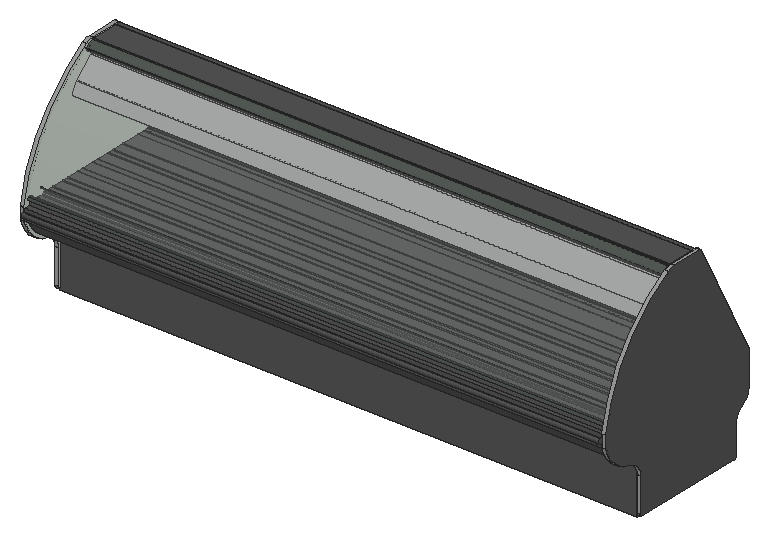
Revit family "ESGM_2014", category Specialty Equipment, Revit 2014
Parameters (values of type "12'-0" Length")
  Width = 144 1/2"
  Waste Drain = 1 1/2"  # constant formula
  URL = "www.hussmann.com"
  Type Comments = "Elite"  # constant formula
  Trim = Stainless Steel
  Total Weight = Case Weight + (2 * End Weight)  # 1400.00 lbf
  Splashguard = Textured Sheet Metal (Steel Painted) - 701 Black
  Side Panel - Right [instance] = yes
  Side Panel - Left [instance] = yes
  Shelves = Sheet Metal (Steel Painted) - 701 Black
  Revit Family Date = "05/26/2016"  # constant formula
  Refrigeration Lines Suction = 5/8"  # constant formula
  Refrigeration Lines Liquid = 3/8"  # constant formula
  Refrig. Suction = "Suction"
  Refrig. Liquid = "Liquid"
  Number of Supports = if(Width < 50", 2, if(Width < 100", 3, 4))  # 4
  Note from Manufacturer = "This model only comes 4'-0\", 6'-0\", 8'-0\", and 12'-0\" lengths."
  Model URL = "http://www.hussmann.com/en/product%20viewer/display-cases/ESGM,%20ESGS"
  Model = "ESGM"  # constant formula
  Manufacturer Disclaimer = "The information in this file is not intended to be an exact representation of the corresponding Hussmann product.  Further, we reserve the right to change or revise specifications and product design in connection with any feature of our products. Such changes do not entitle the buyer to corresponding changes, improvements, additions, or replacements for equipment previously sold or shipped."  # constant formula
  Manufacturer = "Hussmann Corporation"  # constant formula
  Location of Drain = if(Width < 144", 24 1/8", 72 1/4")  # 72 1/4"
  Light [instance] = yes
  Height = 52 1/8"  # constant formula
  Glazing = Glass
  Ends = Textured Sheet Metal (Steel Painted) - 701 Black
  End Weight = 100.00 lbf  # constant formula
  Door Frame = Plastic - 701 Black
  Description = "Curved Glass Service Cased with Gravity Coil for Meat"  # constant formula
  Depth = 45 1/4"  # constant formula
  Cutsheet URL = "http://www.hussmann.com/en/Technical%20Documents/0522417_C_ESGM.pdf"
  Case Weight = if(Width = 48 1/4", 600.00 lbf, if(Width = 72 3/8", 700.00 lbf, if(Width = 96 3/8", 1100.00 lbf, if(Width = 144 1/2", 1200.00 lbf, 0.00 lbf))))  # 1200.00 lbf
  Case Interior - Side Panel = Mirror
  Case Interior - Back Panel = Stainless Steel
  Case = Textured Sheet Metal (Steel Painted) - 701 Black
  Bumper = Extruded PVC - 701 Black
  Assembly Code = ""
  Accessories/Options = ""
  8 Case = Width = 96 3/8"  # no
  6 Case = Width = 72 3/8"  # no
  4 Case = Width = 48 1/4"  # no
  12 Case = Width = 144 1/2"  # yes
Reference planes (in)
  plane 1 "Back": y = 0
  plane 2 "Bottom": z = 0
  plane 3 "Left": x = -77.30699
  plane 4 "Front": y = -45.25
  plane 5 "Center (Left/Right)": x = -5.05699
  plane 6: x = -78.30699
  plane 7 "Right": x = 67.19301
  plane 8: x = 68.19301
  plane 9 "Top": z = 52.125
Forms (in)
  Extrusion 1, solid, material "Metal - Copper"
    sketch origin (63.0625, 1.04319, 0) x (1, 0, 0) y (0, 1, 0)
      loop
        arc (-68.11949, -26.54319) -> (-68.64982, -26.76286) -> (-68.86949, -27.29319) r 0.75
        arc (-68.86949, -27.29319) -> (-68.64982, -27.82352) -> (-68.11949, -28.04319) r 0.75
        arc (-68.11949, -28.04319) -> (-67.58916, -27.82352) -> (-67.36949, -27.29319) r 0.75
        arc (-67.36949, -27.29319) -> (-67.58916, -26.76286) -> (-68.11949, -26.54319) r 0.75
      loop
        circle (-68.11949, -27.29319) r 0.7102
    from 15.4495 to 14.2
  Extrusion 2, solid, material "Metal - Copper"
    sketch origin (57.40105, 5, -0.375) x (1, 0, 0) y (0, 1, 0)
      loop
        circle (1.22946, -34.375) r 0.28859
      loop
        circle (1.22946, -34.375) r 0.3125
    from 15.8245 to 0.375
  Extrusion 3, solid, material "Metal - Copper"
    sketch origin (59.82608, 5, -0.375) x (1, 0, 0) y (0, 1, 0)
      loop
        circle (-0.69557, -34.375) r 0.17188
      loop
        circle (-0.69557, -34.375) r 0.1875
    from 15.8245 to 0.375
  Extrusion 4, solid, material "Textured Sheet Metal (Steel Painted) - 701 Black" <- "Case"
    sketch origin (-5.05699, 0, 0) x (0, 1, 0) y (0, 0, 1)
      loop
        arc (-43.34613, 20.46649) -> (-40.36116, 16.18673) -> (-35.40912, 14.54243) r 8.279
        line (-35.40912, 14.54243) -> (-35.13012, 14.54243) -> (-35.13012, 15.12049) -> (-32.38472, 15.12049) -> (-32.38472, 13.03449) -> (-32.18041, 13.15244) -> (-31.84269, 12.56748) -> (-31.84269, 15.4495) -> (-5.46069, 15.4495) -> (-5.46069, 12.56949) -> (-2.20656, 12.56949) -> (-0.04964, 14.72641) -> (-0.05876, 19.34519) -> (0, 19.34519) -> (0, 20.00316) -> (-0.062, 20.00316) -> (-0.062, 23.22015) -> (-0.8415, 24.75) -> (-4.0439, 23.11829) -> (-5.2273, 25.44085) -> (-5.72181, 25.18889) -> (-5.51752, 24.78793) -> (-5.45069, 24.82198) -> (-5.62094, 25.15611) -> (-5.26008, 25.33998) -> (-4.01342, 22.89327) -> (-7.65194, 22.89327) -> (-7.65194, 23.03827) -> (-7.72694, 23.03827) -> (-7.72694, 22.81827) -> (-3.84453, 22.81827) -> (-4.17722, 22.64876) -> (-4.51207, 22.0258) -> (-4.51207, 21.52249) -> (-37.44744, 21.52249) -> (-37.44744, 23.4609) -> (-39.4766, 23.4609) -> (-39.4766, 24.2149) -> (-40.75586, 24.2149) -> (-40.75586, 24.26058) -> (-42.60732, 25.32952)
        arc (-42.60732, 25.32952) -> (-42.68944, 25.3331) -> (-42.73947, 25.2679) r 0.089
        line (-42.73947, 25.2679) -> (-43.05817, 23.46049) -> (-44.31609, 23.46049) -> (-44.31609, 20.46649) -> (-43.34613, 20.46649)
      loop
        line (-16.41514, 47.39822) -> (-13.21274, 49.02993) -> (-14.78962, 52.12472) -> (-15.85021, 52.12472) -> (-15.85021, 51.83972) -> (-22.93044, 51.83972) -> (-22.93044, 52.12472) -> (-23.04044, 52.12472) -> (-23.04044, 49.54858) -> (-17.51081, 49.54858) -> (-16.41514, 47.39822)
    from 72.25 to -72.25
  Extrusion 5, solid, material "Sheet Metal (Steel Painted) - 701 Black" <- "Shelves"
    sketch origin (-5.05699, 0, 0) x (0, 1, 0) y (0, 0, 1)
      loop
        line (-38.57175, 23.70998) -> (-37.54442, 23.70998)
        arc (-37.54442, 23.70998) -> (-37.37766, 23.61158) -> (-37.38319, 23.41803) r 0.1905
        line (-37.38319, 23.41803) -> (-37.44744, 23.31592) -> (-37.44744, 23.03827) -> (-7.62059, 23.03827) -> (-7.62059, 22.89327) -> (-6.87578, 22.89327) -> (-6.87578, 24.05035) -> (-6.15876, 24.05035) -> (-6.15876, 24.11035) -> (-6.20564, 24.11035) -> (-6.20564, 24.38019) -> (-6.07425, 24.38019) -> (-6.07425, 24.41535) -> (-5.82036, 24.41535) -> (-5.72435, 24.17761) -> (-5.75691, 24.16446) -> (-5.48907, 23.50152)
        arc (-5.48907, 23.50152) -> (-5.4434, 23.48214) -> (-5.42402, 23.5278) r 0.03508
        line (-5.42402, 23.5278) -> (-5.78412, 24.41908)
        arc (-5.78412, 24.41908) -> (-5.80252, 24.4418) -> (-5.83048, 24.45035) r 0.05
        line (-5.83048, 24.45035) -> (-6.07417, 24.45035) -> (-6.07048, 24.51035) -> (-7.09048, 24.51035) -> (-7.09048, 24.45035) -> (-8.99104, 24.45035)
        arc (-8.99104, 24.45035) -> (-9.05404, 24.47116) -> (-9.12, 24.4782) r 0.3125
        line (-9.12, 24.4782) -> (-13.65802, 24.4782)
        arc (-13.65802, 24.4782) -> (-13.81, 24.5132) -> (-13.96199, 24.4782) r 0.3475
        line (-13.96199, 24.4782) -> (-16.78302, 24.4782)
        arc (-16.78302, 24.4782) -> (-16.935, 24.5132) -> (-17.08699, 24.4782) r 0.3475
        line (-17.08699, 24.4782) -> (-18.34702, 24.4782)
        arc (-18.34702, 24.4782) -> (-18.499, 24.5132) -> (-18.65099, 24.4782) r 0.3475
        line (-18.65099, 24.4782) -> (-21.47202, 24.4782)
        arc (-21.47202, 24.4782) -> (-21.624, 24.5132) -> (-21.77599, 24.4782) r 0.3475
        line (-21.77599, 24.4782) -> (-23.03602, 24.4782)
        arc (-23.03602, 24.4782) -> (-23.188, 24.5132) -> (-23.33999, 24.4782) r 0.3475
        line (-23.33999, 24.4782) -> (-26.16102, 24.4782)
        arc (-26.16102, 24.4782) -> (-26.313, 24.5132) -> (-26.46499, 24.4782) r 0.3475
        line (-26.46499, 24.4782) -> (-27.72502, 24.4782)
        arc (-27.72502, 24.4782) -> (-27.877, 24.5132) -> (-28.02899, 24.4782) r 0.3475
        line (-28.02899, 24.4782) -> (-30.85002, 24.4782)
        arc (-30.85002, 24.4782) -> (-31.002, 24.5132) -> (-31.15399, 24.4782) r 0.3475
        line (-31.15399, 24.4782) -> (-32.41402, 24.4782)
        arc (-32.41402, 24.4782) -> (-32.566, 24.5132) -> (-32.71799, 24.4782) r 0.3475
        line (-32.71799, 24.4782) -> (-35.53902, 24.4782)
        arc (-35.53902, 24.4782) -> (-35.691, 24.5132) -> (-35.84299, 24.4782) r 0.3475
        line (-35.84299, 24.4782) -> (-37.254, 24.4782)
        arc (-37.254, 24.4782) -> (-37.31997, 24.47116) -> (-37.38297, 24.45035) r 0.3125
        line (-37.38297, 24.45035) -> (-38.27675, 24.45035) -> (-38.27675, 24.83535)
        arc (-38.27675, 24.83535) -> (-38.31183, 24.87043) -> (-38.34691, 24.83535) r 0.03508
        line (-38.34691, 24.83535) -> (-38.34691, 24.51143) -> (-38.31175, 24.51143) -> (-38.31175, 24.46535)
        arc (-38.31175, 24.46535) -> (-38.29711, 24.43) -> (-38.26175, 24.41535) r 0.05
        line (-38.26175, 24.41535) -> (-38.57175, 24.41535) -> (-38.82175, 24.16527) -> (-38.82175, 23.95998) -> (-38.57175, 23.70998)
    from 72.25 to -72.25
  Extrusion 6, solid, material "Glass" <- "Glazing"
    sketch origin (-5.05699, 0, 0) x (0, 1, 0) y (0, 0, 1)
      loop
        line (-39.4766, 23.4609) -> (-39.2266, 23.4609) -> (-39.2266, 25.8239)
        arc (-39.2266, 25.8239) -> (-39.3516, 25.9489) -> (-39.4766, 25.8239) r 0.125
        line (-39.4766, 25.8239) -> (-39.4766, 23.4609)
    from 72.25 to -72.25
  Extrusion 7, solid, material "Glass" <- "Glazing"
    sketch origin (-5.05699, 0, 0) x (0, 1, 0) y (0, 0, 1)
      loop
        line (-24.35337, 50.90746) -> (-24.47309, 51.11084)
        arc (-24.47309, 51.11084) -> (-36.70969, 39.95396) -> (-43.41659, 24.81368) r 40.236
        line (-43.41659, 24.81368) -> (-43.18577, 24.76454)
        arc (-43.18577, 24.76454) -> (-36.5182, 39.81602) -> (-24.35337, 50.90746) r 40
    from 72.25 to -72.25
  Extrusion 8, solid, material "Plastic - 701 Black" <- "Door Frame"
    sketch origin (-5.05699, 0, 0) x (0, 1, 0) y (0, 0, 1)
      loop
        arc (-23.04044, 50.09575) -> (-23.12841, 50.108) -> (-23.216, 50.12273) r 3.15396
        line (-23.216, 50.12273) -> (-23.216, 51.95558)
        arc (-23.216, 51.95558) -> (-23.22252, 51.97021) -> (-23.23775, 51.97515) r 0.01969
        arc (-23.23775, 51.97515) -> (-24.33425, 51.60184) -> (-25.16215, 50.79173) r 2.61654
        line (-25.16215, 50.79173) -> (-25.11943, 50.72218)
        arc (-25.11943, 50.72218) -> (-24.79717, 50.91803) -> (-24.47309, 51.11084) r 40.236
        line (-24.47309, 51.11084) -> (-24.35337, 50.90746)
        arc (-24.35337, 50.90746) -> (-24.69612, 50.7034) -> (-25.03682, 50.49593) r 40
        line (-25.03682, 50.49593) -> (-24.91123, 50.29086) -> (-24.73519, 50.39867) -> (-24.39613, 49.84499)
        arc (-24.39613, 49.84499) -> (-24.31211, 49.75427) -> (-24.19964, 49.70288) r 0.31496
        line (-24.19964, 49.70288) -> (-23.51563, 49.54199)
        arc (-23.51563, 49.54199) -> (-22.63508, 49.4415) -> (-21.75531, 49.54858) r 3.78388
        line (-21.75531, 49.54858) -> (-23.04044, 49.54858) -> (-23.04044, 50.09575)
      loop
        line (-42.8194, 24.81458) -> (-42.73004, 25.32137) -> (-42.90678, 25.20875) -> (-43.01054, 25.23084) -> (-42.96339, 25.45232) -> (-43.02974, 25.46644)
        arc (-43.02974, 25.46644) -> (-43.10933, 25.11584) -> (-43.18577, 24.76454) r 40
        line (-43.18577, 24.76454) -> (-43.41659, 24.81368)
        arc (-43.41659, 24.81368) -> (-43.34017, 25.16498) -> (-43.2606, 25.51559) r 40.236
        line (-43.2606, 25.51559) -> (-43.31844, 25.5279) -> (-43.48105, 24.76401) -> (-43.12601, 24.68843) -> (-43.05272, 25.03272) -> (-42.94896, 25.01063) -> (-42.8194, 24.81458)
    from 72.25 to -72.25
  Extrusion 9, solid, material "Extruded PVC - 701 Black" <- "Bumper"
    sketch origin (-5.05699, 0, 0) x (0, 1, 0) y (0, 0, 1)
      loop
        arc (-44.69659, 22.55399) -> (-45.25009, 22.00049) -> (-44.69659, 21.44699) r 0.5535
        line (-44.69659, 21.44699) -> (-44.31609, 21.44699) -> (-44.31609, 22.55399) -> (-44.69659, 22.55399)
    from 72.25 to -72.25
  Extrusion 10, solid, material "Sheet Metal (Steel Painted) - 701 Black" <- "Shelves"
    sketch origin (-5.05699, 0, 0) x (0, 1, 0) y (0, 0, 1)
      loop
        line (-22.93044, 51.83972) -> (-15.85021, 51.83972) -> (-15.85021, 52.12472) -> (-22.93044, 52.12472) -> (-22.93044, 51.83972)
    from 72.25 to -72.25
  Extrusion 11, solid, material "Textured Sheet Metal (Steel Painted) - 701 Black" <- "Splashguard"
    sketch origin (-5.05699, 0, 0) x (0, 1, 0) y (0, 0, 1)
      loop
        line (-33.24969, 0.071) -> (-33.04469, 0.071) -> (-33.04469, 0) -> (-31.84269, 0) -> (-31.84269, 5) -> (-31.91369, 5) -> (-31.91369, 0.071) -> (-32.51669, 0.071) -> (-32.51669, 0.5) -> (-32.56279, 0.5) -> (-32.56279, 0.1) -> (-32.82069, 0.1) -> (-32.82069, 14.6) -> (-32.56279, 14.6) -> (-32.56279, 14.2) -> (-32.51669, 14.2) -> (-32.51669, 14.629) -> (-33.0154, 14.629) -> (-33.0154, 15.12049) -> (-33.6714, 15.12049) -> (-33.6714, 15.04949) -> (-33.0864, 15.04949) -> (-33.0864, 14.629) -> (-33.24969, 14.629) -> (-33.24969, 0.071)
      loop
        line (-4.00019, 0.071) -> (-4.00019, 11.929) -> (-4.24596, 11.929) -> (-4.24596, 12.47249) -> (-2.37596, 12.47249) -> (-2.37596, 11.89128) -> (-2.73177, 11.89128) -> (-2.73177, 11.84428) -> (-2.23177, 11.84428) -> (-2.23177, 12.56949) -> (-4.34296, 12.56949) -> (-4.34296, 11.929) -> (-4.73319, 11.929) -> (-4.73319, 11.5) -> (-4.68708, 11.5) -> (-4.68708, 11.9) -> (-4.42919, 11.9) -> (-4.42919, 0.1) -> (-4.68708, 0.1) -> (-4.68708, 0.5) -> (-4.73319, 0.5) -> (-4.73319, 0.071) -> (-5.38969, 0.071) -> (-5.38969, 5) -> (-5.46069, 5) -> (-5.46069, 0) -> (-4.25869, 0) -> (-4.25869, 0.071) -> (-4.00019, 0.071)
    from 72.25 to -72.25
  Extrusion 12, solid, material "Stainless Steel"
    sketch origin (-5.05699, 0, 0) x (0, 1, 0) y (0, 0, 1)
      loop
        line (-21.37668, 40.98157) -> (-15.62579, 40.44983) -> (-15.61263, 40.47769) -> (-15.16052, 40.26415) -> (-14.94698, 40.71626) -> (-15.39909, 40.9298) -> (-14.86972, 42.05057) -> (-14.92216, 42.07534) -> (-15.21813, 41.44872) -> (-16.56707, 42.08586) -> (-15.37275, 42.08586) -> (-15.37275, 44.52386) -> (-15.62175, 44.52386) -> (-15.62175, 45.8411) -> (-17.51081, 49.54858) -> (-20.10086, 49.54858) -> (-21.75058, 47.89886) -> (-22.56399, 47.89886) -> (-22.56399, 48.88614) -> (-23.80443, 48.88614) -> (-28.30349, 44.83517) -> (-29.65615, 42.29118) -> (-29.62525, 42.27475) -> (-28.27548, 44.81329) -> (-28.10211, 44.96939) -> (-28.10211, 44.28536) -> (-26.65711, 44.28536) -> (-26.65711, 44.92586) -> (-25.46475, 44.92586) -> (-25.46475, 43.45478) -> (-25.61032, 43.52354) -> (-25.75599, 43.21514) -> (-25.72774, 43.20179) -> (-25.59445, 43.48398) -> (-25.0136, 43.20962) -> (-25.21064, 42.79245) -> (-21.37668, 40.98157)
    from 72.25 to -72.25
  Extrusion 13, solid, material "Textured Sheet Metal (Steel Painted) - 701 Black" <- "Ends", visible <- "Side Panel - Left"
    sketch origin (-77.30699, 0, 0) x (0, 1, 0) y (0, 0, 1)
      loop
        line (-32.88842, 0.42887) -> (-4.15408, 0.42887)
        arc (-4.15408, 0.42887) -> (-3.79185, 0.57891) -> (-3.6418, 0.94115) r 0.51228
        line (-3.6418, 0.94115) -> (-3.6418, 8.10711)
        arc (-3.6418, 8.10711) -> (-3.06307, 10.16382) -> (-1.49672, 11.61693) r 3.94395
        arc (-1.49672, 11.61693) -> (-0.18117, 12.83738) -> (0.3049, 14.56477) r 3.31246
        line (0.3049, 14.56477) -> (0.3049, 22.15875)
        arc (0.3049, 22.15875) -> (0.21479, 22.93596) -> (-0.05517, 23.67033) r 3.31117
        line (-0.05517, 23.67033) -> (-14.45521, 51.92963) -> (-14.51136, 52.04163)
        arc (-14.51136, 52.04163) -> (-14.60333, 52.14101) -> (-14.73367, 52.17775) r 0.24961
        line (-14.73367, 52.17775) -> (-22.66176, 52.17775)
        arc (-22.66176, 52.17775) -> (-23.70154, 52.03663) -> (-24.66885, 51.62996) r 3.99993
        arc (-24.66885, 51.62996) -> (-37.58819, 39.74243) -> (-44.31604, 23.52643) r 40.79994
        line (-44.31604, 23.52643) -> (-44.31604, 20.40063)
        arc (-44.31604, 20.40063) -> (-41.53441, 15.84489) -> (-36.7171, 13.54583) r 9.37498
        arc (-36.7171, 13.54583) -> (-34.34618, 12.22665) -> (-33.38841, 9.6881) r 3.944
        line (-33.38841, 9.6881) -> (-33.38841, 0.92886)
        arc (-33.38841, 0.92886) -> (-33.24197, 0.57531) -> (-32.88842, 0.42887) r 0.49999
    from 0 to -1
  Extrusion 14, solid, material "Textured Sheet Metal (Steel Painted) - 701 Black" <- "Ends", visible <- "Side Panel - Right"
    sketch origin (67.19301, 0, 0) x (0, 0, 1) y (0, -1, 0)
      loop
        line (0.42887, 32.88842) -> (0.42887, 4.15408)
        arc (0.42887, 4.15408) -> (0.57891, 3.79185) -> (0.94115, 3.6418) r 0.51228
        line (0.94115, 3.6418) -> (8.10711, 3.6418)
        arc (8.10711, 3.6418) -> (10.16382, 3.06307) -> (11.61693, 1.49672) r 3.94395
        arc (11.61693, 1.49672) -> (12.83738, 0.18117) -> (14.56477, -0.3049) r 3.31246
        line (14.56477, -0.3049) -> (23.61598, -0.3049)
        arc (23.61598, -0.3049) -> (23.68322, -0.27178) -> (23.74973, -0.23722) r 3.48066
        line (23.74973, -0.23722) -> (51.92963, 14.45521) -> (52.04243, 14.51078)
        arc (52.04243, 14.51078) -> (52.14238, 14.60304) -> (52.17934, 14.73396) r 0.25036
        line (52.17934, 14.73396) -> (52.17934, 22.66288)
        arc (52.17934, 22.66288) -> (52.03816, 23.70418) -> (51.63075, 24.67281) r 4.00133
        arc (51.63075, 24.67281) -> (39.74244, 37.5936) -> (23.52502, 44.32223) r 40.80249
        line (23.52502, 44.32223) -> (20.39796, 44.32223)
        arc (20.39796, 44.32223) -> (15.85298, 41.55073) -> (13.55101, 36.75084) r 9.37057
        arc (13.55101, 36.75084) -> (12.23954, 34.35735) -> (9.6881, 33.38841) r 3.944
        line (9.6881, 33.38841) -> (0.92886, 33.38841)
        arc (0.92886, 33.38841) -> (0.57531, 33.24197) -> (0.42887, 32.88842) r 0.49999
    from 1 to 0
  Extrusion 15, solid, material "Stainless Steel" <- "Case Interior - Back Panel", visible <- "8 Case"
    sketch origin (-5.05699, 0, 0) x (0, 1, 0) y (0, 0, 1)
      loop
        line (-4.0439, 23.11829) -> (-0.8415, 24.75) -> (-13.21274, 49.02993) -> (-16.41514, 47.39822) -> (-4.0439, 23.11829)
    from -48.1875 to -47.59375
  Extrusion 16, solid, material "Stainless Steel" <- "Case Interior - Back Panel", visible <- "6 Case"
    sketch origin (-5.05699, 0, 0) x (0, 1, 0) y (0, 0, 1)
      loop
        line (-4.0439, 23.11829) -> (-0.8415, 24.75) -> (-13.21274, 49.02993) -> (-16.41514, 47.39822) -> (-4.0439, 23.11829)
    from -35.5 to -36.1875
  Extrusion 17, solid, material "Stainless Steel" <- "Case Interior - Back Panel", visible <- "12 Case"
    sketch origin (-5.05699, 0, 0) x (0, 1, 0) y (0, 0, 1)
      loop
        line (-4.0439, 23.11829) -> (-0.8415, 24.75) -> (-13.21274, 49.02993) -> (-16.41514, 47.39822) -> (-4.0439, 23.11829)
    from 0.625 to -0.625
  Extrusion 18, solid, material "Stainless Steel" <- "Case Interior - Back Panel", visible <- "12 Case"
    sketch origin (-5.05699, 0, 0) x (0, 1, 0) y (0, 0, 1)
      loop
        line (-4.0439, 23.11829) -> (-0.8415, 24.75) -> (-13.21274, 49.02993) -> (-16.41514, 47.39822) -> (-4.0439, 23.11829)
    from -71.625 to -72.25
  Extrusion 19, solid, material "Stainless Steel" <- "Case Interior - Back Panel", visible <- "12 Case"
    sketch origin (-5.05699, 0, 0) x (0, 1, 0) y (0, 0, 1)
      loop
        line (-4.0439, 23.11829) -> (-0.8415, 24.75) -> (-13.21274, 49.02993) -> (-16.41514, 47.39822) -> (-4.0439, 23.11829)
    from 72.25 to 71.625
  Extrusion 20, solid, material "Stainless Steel" <- "Case Interior - Back Panel", visible <- "12 Case", not visible
    sketch origin (-5.05699, -39, 0) x (0, 1, 0) y (0, 0, 1)
      loop
        line (-4.0439, 23.11829) -> (-0.8415, 24.75) -> (-13.21274, 49.02993) -> (-16.41514, 47.39822) -> (-4.0439, 23.11829)
    from 0.625 to -0.625
  Extrusion 21, solid, material "Stainless Steel" <- "Case Interior - Back Panel", visible <- "12 Case", not visible
    sketch origin (-5.05699, -39, 0) x (0, 1, 0) y (0, 0, 1)
      loop
        line (-4.0439, 23.11829) -> (-0.8415, 24.75) -> (-13.21274, 49.02993) -> (-16.41514, 47.39822) -> (-4.0439, 23.11829)
    from -71.625 to -72.25
  Extrusion 22, solid, material "Stainless Steel" <- "Case Interior - Back Panel", visible <- "12 Case", not visible
    sketch origin (-5.05699, -39, 0) x (0, 1, 0) y (0, 0, 1)
      loop
        line (-4.0439, 23.11829) -> (-0.8415, 24.75) -> (-13.21274, 49.02993) -> (-16.41514, 47.39822) -> (-4.0439, 23.11829)
    from 72.25 to 71.625
  Extrusion 23, solid, material "Stainless Steel" <- "Case Interior - Back Panel", visible <- "6 Case"
    sketch origin (-5.05699, 0, 0) x (0, 1, 0) y (0, 0, 1)
      loop
        line (-4.0439, 23.11829) -> (-0.8415, 24.75) -> (-13.21274, 49.02993) -> (-16.41514, 47.39822) -> (-4.0439, 23.11829)
    from 36.1875 to 35.5
  Extrusion 24, solid, material "Stainless Steel" <- "Case Interior - Back Panel", visible <- "6 Case", not visible
    sketch origin (-5.05699, 40.54873, 0) x (0, 1, 0) y (0, 0, 1)
      loop
        line (-4.0439, 23.11829) -> (-0.8415, 24.75) -> (-13.21274, 49.02993) -> (-16.41514, 47.39822) -> (-4.0439, 23.11829)
    from -35.5 to -36.1875
  Extrusion 25, solid, material "Stainless Steel" <- "Case Interior - Back Panel", visible <- "6 Case", not visible
    sketch origin (-5.05699, 40.54873, 0) x (0, 1, 0) y (0, 0, 1)
      loop
        line (-4.0439, 23.11829) -> (-0.8415, 24.75) -> (-13.21274, 49.02993) -> (-16.41514, 47.39822) -> (-4.0439, 23.11829)
    from 36.1875 to 35.5
  Extrusion 26, solid, material "Stainless Steel" <- "Case Interior - Back Panel", visible <- "8 Case"
    sketch origin (-5.05699, 0, 0) x (0, 1, 0) y (0, 0, 1)
      loop
        line (-4.0439, 23.11829) -> (-0.8415, 24.75) -> (-13.21274, 49.02993) -> (-16.41514, 47.39822) -> (-4.0439, 23.11829)
    from -0.59375 to 0.59375
  Extrusion 27, solid, material "Stainless Steel" <- "Case Interior - Back Panel", visible <- "8 Case"
    sketch origin (-5.05699, 0, 0) x (0, 1, 0) y (0, 0, 1)
      loop
        line (-4.0439, 23.11829) -> (-0.8415, 24.75) -> (-13.21274, 49.02993) -> (-16.41514, 47.39822) -> (-4.0439, 23.11829)
    from 47.59375 to 48.1875
  Extrusion 28, solid, material "Stainless Steel" <- "Case Interior - Back Panel", visible <- "8 Case", not visible
    sketch origin (-5.05699, -67, 0) x (0, 1, 0) y (0, 0, 1)
      loop
        line (-4.0439, 23.11829) -> (-0.8415, 24.75) -> (-13.21274, 49.02993) -> (-16.41514, 47.39822) -> (-4.0439, 23.11829)
    from -48.1875 to -47.59375
  Extrusion 29, solid, material "Stainless Steel" <- "Case Interior - Back Panel", visible <- "8 Case", not visible
    sketch origin (-5.05699, -67, 0) x (0, 1, 0) y (0, 0, 1)
      loop
        line (-4.0439, 23.11829) -> (-0.8415, 24.75) -> (-13.21274, 49.02993) -> (-16.41514, 47.39822) -> (-4.0439, 23.11829)
    from -0.59375 to 0.59375
  Extrusion 30, solid, material "Stainless Steel" <- "Case Interior - Back Panel", visible <- "8 Case", not visible
    sketch origin (-5.05699, -67, 0) x (0, 1, 0) y (0, 0, 1)
      loop
        line (-4.0439, 23.11829) -> (-0.8415, 24.75) -> (-13.21274, 49.02993) -> (-16.41514, 47.39822) -> (-4.0439, 23.11829)
    from 47.59375 to 48.1875
  Extrusion 31, solid, material "Stainless Steel" <- "Case Interior - Back Panel", visible <- "4 Case"
    sketch origin (-5.05699, 0, 0) x (0, 1, 0) y (0, 0, 1)
      loop
        line (-4.0439, 23.11829) -> (-0.8415, 24.75) -> (-13.21274, 49.02993) -> (-16.41514, 47.39822) -> (-4.0439, 23.11829)
    from -23.5 to -24.125
  Extrusion 32, solid, material "Stainless Steel" <- "Case Interior - Back Panel", visible <- "4 Case"
    sketch origin (-5.05699, 0, 0) x (0, 1, 0) y (0, 0, 1)
      loop
        line (-4.0439, 23.11829) -> (-0.8415, 24.75) -> (-13.21274, 49.02993) -> (-16.41514, 47.39822) -> (-4.0439, 23.11829)
    from 24.125 to 23.5
  Extrusion 33, solid, material "Stainless Steel" <- "Case Interior - Back Panel", visible <- "4 Case", not visible
    sketch origin (-5.05699, 24, 0) x (0, 1, 0) y (0, 0, 1)
      loop
        line (-4.0439, 23.11829) -> (-0.8415, 24.75) -> (-13.21274, 49.02993) -> (-16.41514, 47.39822) -> (-4.0439, 23.11829)
    from -23.5 to -24.125
  Extrusion 34, solid, material "Stainless Steel" <- "Case Interior - Back Panel", visible <- "4 Case", not visible
    sketch origin (-5.05699, 24, 0) x (0, 1, 0) y (0, 0, 1)
      loop
        line (-4.0439, 23.11829) -> (-0.8415, 24.75) -> (-13.21274, 49.02993) -> (-16.41514, 47.39822) -> (-4.0439, 23.11829)
    from 24.125 to 23.5
Lines and regions (in)
  reference lines
    curve 1: line (-73.68199, -45.25, 0) -> (-73.68199, 0, 0)
    curve 2: line (-5.05699, -45.25, 0) -> (-5.05699, 0, 0)
    curve 3: line (63.56801, -45.25, 0) -> (63.56801, 0, 0)
    curve 4: line (58.94301, -45.25, 0) -> (58.94301, 0, 0)
    curve 5: line (-77.30699, -26.25, 0) -> (67.19301, -26.25, 0)
    curve 6: line (67.19301, -29.375, 0) -> (-77.30699, -29.375, 0)
Dimensions and locks (in)
  equal spacing: plane 3 "Left", plane 5 "Center (Left/Right)", plane 7 "Right"
  locked: plane 6 to plane 3 "Left" at 1
  "Width": plane 3 "Left" to plane 7 "Right"
  locked: plane 3 "Left" to curve 1 at 3.625
  locked: curve 3 to plane 7 "Right" at 3.625
  "Location of Drain": curve 2 to plane 7 "Right"
  "Depth": plane 4 "Front" to plane 1 "Back"
  locked: curve 4 to plane 7 "Right" at 8.25
  "Height": plane 9 "Top" to level
  locked: plane 1 "Back" to curve 5 at 26.25
  locked: plane 1 "Back" to curve 6 at 29.375
  locked: plane 7 "Right" to plane 8 at 1
  locked: Extrusion 1 sketch curve to Extrusion 1 sketch curve at 0.0398
  locked: Extrusion 3 sketch curve to Extrusion 3 sketch curve at 0.01562
  locked: Extrusion 2 sketch curve to Extrusion 2 sketch curve at 0.02391
  locked: nested 1 to plane 1 "Back" at 5.46069
  equal spacing: group 1, group 11, group 12, group 2  (x3)
  Extrusion 4 to Extrusion 4 = 27 1/4"
  "Waste Drain": diameter of Extrusion 1 sketch curve
  "Refrigeration Lines Liquid": diameter of Extrusion 3 sketch curve
  "Refrigeration Lines Suction": diameter of Extrusion 2 sketch curve
  aligned and locked: plane 4 "Front" to curve 2
  aligned and locked: plane 4 "Front" to curve 3
  aligned and locked: plane 4 "Front" to curve 1
  aligned and locked: plane 3 "Left" to curve 5
  aligned and locked: plane 3 "Left" to curve 6
  aligned and locked: plane 7 "Right" to curve 6
  aligned and locked: plane 7 "Right" to curve 5
  aligned and locked: Extrusion 2 to level
  aligned and locked: Extrusion 3 to level
  aligned and locked: curve 6 to Extrusion 3 sketch curve  (x4)
  aligned and locked: curve 6 to Extrusion 2 sketch curve  (x4)
  aligned and locked: curve 5 to Extrusion 1 sketch curve  (x3)
  aligned and locked: curve 2 to Extrusion 1 sketch curve
  aligned and locked: curve 4 to Extrusion 3 sketch curve
  aligned and locked: curve 4 to Extrusion 2 sketch curve
  aligned and locked: curve 1 to nested 1
  aligned and locked: curve 3 to nested 2
  aligned and locked: nested 1 to nested 2
  aligned and locked: Extrusion 4 to plane 3 "Left"
  aligned and locked: plane 7 "Right" to Extrusion 4
  aligned and locked: Extrusion 5 to plane 3 "Left"
  aligned and locked: plane 7 "Right" to Extrusion 5
  aligned and locked: Extrusion 6 to plane 3 "Left"
  aligned and locked: plane 7 "Right" to Extrusion 6
  aligned and locked: Extrusion 7 to plane 3 "Left"
  aligned and locked: plane 7 "Right" to Extrusion 7
  aligned and locked: Extrusion 8 to plane 3 "Left"
  aligned and locked: plane 7 "Right" to Extrusion 8
  aligned and locked: Extrusion 9 to plane 3 "Left"
  aligned and locked: plane 7 "Right" to Extrusion 9
  aligned and locked: Extrusion 10 to plane 3 "Left"
  aligned and locked: plane 7 "Right" to Extrusion 10
  aligned and locked: Extrusion 11 to plane 3 "Left"
  aligned and locked: plane 7 "Right" to Extrusion 11
  aligned and locked: Extrusion 12 to plane 3 "Left"
  aligned and locked: plane 7 "Right" to Extrusion 12
  aligned and locked: plane 3 "Left" to nested 3
  aligned and locked: plane 6 to Extrusion 13
  aligned and locked: plane 3 "Left" to Extrusion 13
  aligned and locked: plane 8 to Extrusion 14
  aligned and locked: Extrusion 14 to plane 7 "Right"
Automatic sketch dimensions
  Extrusion 15 sketch curve to Extrusion 15 sketch curve = 3.2024"
  Extrusion 15 sketch curve to Extrusion 15 sketch curve = 1.63171"
  Extrusion 16 sketch curve to Extrusion 16 sketch curve = 3.2024"
  Extrusion 17 sketch curve to Extrusion 17 sketch curve = 3.2024"
  Extrusion 18 sketch curve to Extrusion 18 sketch curve = 3.2024"
  Extrusion 19 sketch curve to Extrusion 19 sketch curve = 3.2024"
  Extrusion 17 sketch curve to Extrusion 17 sketch curve = 12.37124"
  Extrusion 17 sketch curve to Extrusion 17 sketch curve = 1.63171"
  Extrusion 18 sketch curve to Extrusion 18 sketch curve = 12.37124"
  Extrusion 18 sketch curve to Extrusion 18 sketch curve = 1.63171"
  Extrusion 19 sketch curve to Extrusion 19 sketch curve = 12.37124"
  Extrusion 19 sketch curve to Extrusion 19 sketch curve = 1.63171"
  Extrusion 20 sketch curve to Extrusion 20 sketch curve = 3.2024"
  Extrusion 21 sketch curve to Extrusion 21 sketch curve = 3.2024"
  Extrusion 22 sketch curve to Extrusion 22 sketch curve = 3.2024"
  Extrusion 20 sketch curve to Extrusion 20 sketch curve = 12.37124"
  Extrusion 20 sketch curve to Extrusion 20 sketch curve = 1.63171"
  Extrusion 21 sketch curve to Extrusion 21 sketch curve = 12.37124"
  Extrusion 21 sketch curve to Extrusion 21 sketch curve = 1.63171"
  Extrusion 22 sketch curve to Extrusion 22 sketch curve = 12.37124"
  Extrusion 22 sketch curve to Extrusion 22 sketch curve = 1.63171"
  Extrusion 23 sketch curve to Extrusion 23 sketch curve = 3.2024"
  Extrusion 16 sketch curve to Extrusion 16 sketch curve = 12.37124"
  Extrusion 16 sketch curve to Extrusion 16 sketch curve = 1.63171"
  Extrusion 23 sketch curve to Extrusion 23 sketch curve = 12.37124"
  Extrusion 23 sketch curve to Extrusion 23 sketch curve = 1.63171"
  Extrusion 24 sketch curve to Extrusion 24 sketch curve = 3.2024"
  Extrusion 25 sketch curve to Extrusion 25 sketch curve = 3.2024"
  Extrusion 24 sketch curve to Extrusion 24 sketch curve = 12.37124"
  Extrusion 24 sketch curve to Extrusion 24 sketch curve = 1.63171"
  Extrusion 25 sketch curve to Extrusion 25 sketch curve = 12.37124"
  Extrusion 25 sketch curve to Extrusion 25 sketch curve = 1.63171"
  Extrusion 26 sketch curve to Extrusion 26 sketch curve = 3.2024"
  Extrusion 26 sketch curve to Extrusion 26 sketch curve = 1.63171"
  Extrusion 27 sketch curve to Extrusion 27 sketch curve = 3.2024"
  Extrusion 27 sketch curve to Extrusion 27 sketch curve = 1.63171"
  Extrusion 15 sketch curve to Extrusion 15 sketch curve = 12.37124"
  Extrusion 26 sketch curve to Extrusion 26 sketch curve = 12.37124"
  Extrusion 27 sketch curve to Extrusion 27 sketch curve = 12.37124"
  Extrusion 28 sketch curve to Extrusion 28 sketch curve = 3.2024"
  Extrusion 28 sketch curve to Extrusion 28 sketch curve = 1.63171"
  Extrusion 29 sketch curve to Extrusion 29 sketch curve = 3.2024"
  Extrusion 29 sketch curve to Extrusion 29 sketch curve = 1.63171"
  Extrusion 30 sketch curve to Extrusion 30 sketch curve = 3.2024"
  Extrusion 30 sketch curve to Extrusion 30 sketch curve = 1.63171"
  Extrusion 28 sketch curve to Extrusion 28 sketch curve = 12.37124"
  Extrusion 29 sketch curve to Extrusion 29 sketch curve = 12.37124"
  Extrusion 30 sketch curve to Extrusion 30 sketch curve = 12.37124"
  Extrusion 4 sketch curve to plane 1 "Back" = 0"
  plane 1 "Back" to Extrusion 4 sketch curve = 0.04964"
  Extrusion 4 sketch curve to Extrusion 4 sketch curve = 0.05876"
  Extrusion 4 sketch curve to Extrusion 4 sketch curve = 0.062"
  plane 1 "Back" to Extrusion 4 sketch curve = 0.8415"
  plane 1 "Back" to Extrusion 4 sketch curve = 2.20656"
  Extrusion 4 sketch curve to Extrusion 4 sketch curve = 3.00303"
  Extrusion 4 sketch curve to Extrusion 4 sketch curve = 0.16889"
  Extrusion 4 sketch curve to Extrusion 4 sketch curve = 0.03048"
  Extrusion 4 sketch curve to Extrusion 4 sketch curve = 0.1638"
  Extrusion 4 sketch curve to Extrusion 4 sketch curve = 0.33486"
  Extrusion 4 sketch curve to Extrusion 4 sketch curve = 1.1834"
  Extrusion 4 sketch curve to Extrusion 4 sketch curve = 0.03278"
  Extrusion 4 sketch curve to Extrusion 4 sketch curve = 0.19061"
  Extrusion 4 sketch curve to Extrusion 4 sketch curve = 3.25412"
  Extrusion 4 sketch curve to Extrusion 4 sketch curve = 0.06683"
  Extrusion 4 sketch curve to Extrusion 4 sketch curve = 0.17025"
  Extrusion 4 sketch curve to Extrusion 4 sketch curve = 0.10087"  (x2)
  Extrusion 4 sketch curve to Extrusion 4 sketch curve = 2.13442"
  Extrusion 4 sketch curve to Extrusion 4 sketch curve = 0.075"  (x2)
  plane 1 "Back" to Extrusion 4 sketch curve = 13.21274"
  Extrusion 4 sketch curve to Extrusion 4 sketch curve = 1.57688"
  Extrusion 4 sketch curve to Extrusion 4 sketch curve = 1.0606"
  Extrusion 4 sketch curve to Extrusion 4 sketch curve = 1.09566"
  Extrusion 4 sketch curve to Extrusion 4 sketch curve = 5.41964"
  Extrusion 4 sketch curve to Extrusion 4 sketch curve = 0.11"
  plane 4 "Front" to Extrusion 4 sketch curve = 13.40731"
  Extrusion 4 sketch curve to Extrusion 4 sketch curve = 0.33773"
  Extrusion 4 sketch curve to Extrusion 4 sketch curve = 0.20431"
  Extrusion 4 sketch curve to Extrusion 4 sketch curve = 2.7454"
  Extrusion 4 sketch curve to Extrusion 4 sketch curve = 0.279"
  Extrusion 4 sketch curve to Extrusion 4 sketch curve = 2.03832"
  Extrusion 4 sketch curve to Extrusion 4 sketch curve = 2.02916"
  Extrusion 4 sketch curve to Extrusion 4 sketch curve = 1.27926"
  Extrusion 4 sketch curve to Extrusion 4 sketch curve = 1.85146"
  Extrusion 4 sketch curve to Extrusion 4 sketch curve = 0.0445"
  Extrusion 4 sketch curve to Extrusion 4 sketch curve = 0.08765"
  Extrusion 4 sketch curve to Extrusion 4 sketch curve = 0.31869"
  plane 4 "Front" to Extrusion 4 sketch curve = 1.90387"
  plane 4 "Front" to Extrusion 4 sketch curve = 0.93391"
  Extrusion 4 sketch curve to Extrusion 4 sketch curve = 21.95737"
  level to Extrusion 4 sketch curve = 25.32952"
  Extrusion 4 sketch curve to Extrusion 4 sketch curve = 0.06162"
  Extrusion 4 sketch curve to Extrusion 4 sketch curve = 1.06894"
  Extrusion 4 sketch curve to Extrusion 4 sketch curve = 0.04568"
  Extrusion 4 sketch curve to Extrusion 4 sketch curve = 0.754"
  Extrusion 4 sketch curve to Extrusion 4 sketch curve = 1.80741"
  Extrusion 4 sketch curve to Extrusion 4 sketch curve = 0.145"
  Extrusion 4 sketch curve to Extrusion 4 sketch curve = 0.63947"
  Extrusion 4 sketch curve to Extrusion 4 sketch curve = 0.24451"
  Extrusion 4 sketch curve to Extrusion 4 sketch curve = 0.62296"
  Extrusion 4 sketch curve to Extrusion 4 sketch curve = 0.50331"
  Extrusion 4 sketch curve to Extrusion 4 sketch curve = 2.994"
  Extrusion 4 sketch curve to Extrusion 4 sketch curve = 3.21699"
  Extrusion 4 sketch curve to Extrusion 4 sketch curve = 0.65798"
  Extrusion 4 sketch curve to Extrusion 4 sketch curve = 0.90707"
  Extrusion 4 sketch curve to Extrusion 4 sketch curve = 0.32901"
  Extrusion 4 sketch curve to Extrusion 4 sketch curve = 4.61877"
  Extrusion 4 sketch curve to Extrusion 4 sketch curve = 1.96804"
  Extrusion 4 sketch curve to Extrusion 4 sketch curve = 0.11796"
  Extrusion 4 sketch curve to Extrusion 4 sketch curve = 2.15693"
  plane 4 "Front" to Extrusion 6 sketch curve = 5.7734"
  Extrusion 6 sketch curve to Extrusion 6 sketch curve = 1/8"
  level to Extrusion 6 sketch curve = 23.4609"
  Extrusion 6 sketch curve to Extrusion 6 sketch curve = 2.363"
  Extrusion 7 sketch curve to Extrusion 7 sketch curve = 0"  (x3)
  plane 4 "Front" to Extrusion 7 sketch curve = 1.83341"
  Extrusion 7 sketch curve to Extrusion 7 sketch curve = 0.23083"
  plane 4 "Front" to Extrusion 7 sketch curve = 20.77691"
  Extrusion 7 sketch curve to Extrusion 7 sketch curve = 0.11972"
  plane 1 "Back" to Extrusion 7 sketch curve = 4.06242"
  level to Extrusion 7 sketch curve = 24.81368"
  Extrusion 8 sketch curve to Extrusion 8 sketch curve = 0"  (x15)
  plane 4 "Front" to Extrusion 8 sketch curve = 1.76895"
  Extrusion 8 sketch curve to Extrusion 8 sketch curve = 0.06446"
  Extrusion 8 sketch curve to Extrusion 8 sketch curve = 0.09815"
  Extrusion 8 sketch curve to Extrusion 8 sketch curve = 0.05783"
  Extrusion 8 sketch curve to Extrusion 8 sketch curve = 0.23083"
  Extrusion 8 sketch curve to Extrusion 8 sketch curve = 0.05976"
  Extrusion 8 sketch curve to Extrusion 8 sketch curve = 0.13305"
  Extrusion 8 sketch curve to Extrusion 8 sketch curve = 0.23086"
  Extrusion 8 sketch curve to Extrusion 8 sketch curve = 0.04217"
  Extrusion 8 sketch curve to Extrusion 8 sketch curve = 0.06635"
  Extrusion 8 sketch curve to Extrusion 8 sketch curve = 0.10376"  (x2)
  Extrusion 8 sketch curve to Extrusion 8 sketch curve = 0.12955"
  Extrusion 8 sketch curve to Extrusion 8 sketch curve = 0.17674"
  plane 4 "Front" to Extrusion 8 sketch curve = 20.08785"
  Extrusion 8 sketch curve to Extrusion 8 sketch curve = 0.04272"
  Extrusion 8 sketch curve to Extrusion 8 sketch curve = 0.08261"
  Extrusion 8 sketch curve to Extrusion 8 sketch curve = 0.12558"
  Extrusion 8 sketch curve to Extrusion 8 sketch curve = 0.64635"
  Extrusion 8 sketch curve to Extrusion 8 sketch curve = 0.19648"
  Extrusion 8 sketch curve to Extrusion 8 sketch curve = 0.07212"
  Extrusion 8 sketch curve to Extrusion 8 sketch curve = 0.68401"
  Extrusion 8 sketch curve to Extrusion 8 sketch curve = 1.2374"
  Extrusion 8 sketch curve to Extrusion 8 sketch curve = 0.01969"
  Extrusion 8 sketch curve to Extrusion 8 sketch curve = 0.47518"
  Extrusion 8 sketch curve to Extrusion 8 sketch curve = 0.07682"
  Extrusion 8 sketch curve to Extrusion 8 sketch curve = 0.56676"
  Extrusion 8 sketch curve to Extrusion 8 sketch curve = 1.20831"
  plane 1 "Back" to Extrusion 8 sketch curve = 4.06242"
  level to Extrusion 8 sketch curve = 24.68843"
  Extrusion 8 sketch curve to Extrusion 8 sketch curve = 0.07558"
  Extrusion 8 sketch curve to Extrusion 8 sketch curve = 0.07611"
  Extrusion 8 sketch curve to Extrusion 8 sketch curve = 0.19605"
  Extrusion 8 sketch curve to Extrusion 8 sketch curve = 0.19812"
  Extrusion 8 sketch curve to Extrusion 8 sketch curve = 0.11263"
  Extrusion 8 sketch curve to Extrusion 8 sketch curve = 0.16897"
  Extrusion 8 sketch curve to Extrusion 8 sketch curve = 0.17556"
  Extrusion 8 sketch curve to Extrusion 8 sketch curve = 0.54716"
  plane 4 "Front" to Extrusion 9 sketch curve = 0.55341"
  Extrusion 9 sketch curve to Extrusion 9 sketch curve = 0.3805"
  level to Extrusion 9 sketch curve = 21.44699"
  Extrusion 9 sketch curve to Extrusion 9 sketch curve = 0.5535"
  plane 4 "Front" to Extrusion 10 sketch curve = 22.31956"
  Extrusion 10 sketch curve to Extrusion 10 sketch curve = 7.08023"
  Extrusion 10 sketch curve to Extrusion 10 sketch curve = 0.285"
  Extrusion 11 sketch curve to level = 0"  (x2)
  plane 4 "Front" to Extrusion 11 sketch curve = 11.5786"
  level to Extrusion 11 sketch curve = 0.071"  (x4)
  plane 4 "Front" to Extrusion 11 sketch curve = 12.00031"
  Extrusion 11 sketch curve to Extrusion 11 sketch curve = 0.16328"
  Extrusion 11 sketch curve to Extrusion 11 sketch curve = 0.205"
  Extrusion 11 sketch curve to Extrusion 11 sketch curve = 0.071"  (x4)
  Extrusion 11 sketch curve to Extrusion 11 sketch curve = 0.19472"
  Extrusion 11 sketch curve to Extrusion 11 sketch curve = 0.2579"  (x3)
  Extrusion 11 sketch curve to Extrusion 11 sketch curve = 0.0461"  (x4)
  Extrusion 11 sketch curve to Extrusion 11 sketch curve = 0.603"
  plane 1 "Back" to Extrusion 11 sketch curve = 5.46069"
  Extrusion 11 sketch curve to Extrusion 11 sketch curve = 0.6565"
  plane 1 "Back" to Extrusion 11 sketch curve = 4.73319"
  Extrusion 11 sketch curve to Extrusion 11 sketch curve = 0.08622"
  Extrusion 11 sketch curve to Extrusion 11 sketch curve = 0.1705"
  Extrusion 11 sketch curve to Extrusion 11 sketch curve = 0.097"  (x2)
  Extrusion 11 sketch curve to Extrusion 11 sketch curve = 0.24578"
  Extrusion 11 sketch curve to Extrusion 11 sketch curve = 1.26842"
  Extrusion 11 sketch curve to Extrusion 11 sketch curve = 0.35581"
  Extrusion 11 sketch curve to Extrusion 11 sketch curve = 0.14419"
  Extrusion 11 sketch curve to Extrusion 11 sketch curve = 0.029"  (x3)
  level to Extrusion 11 sketch curve = 0.1"
  Extrusion 11 sketch curve to Extrusion 11 sketch curve = 0.4"  (x4)
  Extrusion 11 sketch curve to Extrusion 11 sketch curve = 4 1/2"  (x2)
  Extrusion 11 sketch curve to Extrusion 11 sketch curve = 6 1/2"
  Extrusion 11 sketch curve to Extrusion 11 sketch curve = 0.34428"
  Extrusion 11 sketch curve to Extrusion 11 sketch curve = 0.047"
  Extrusion 11 sketch curve to Extrusion 11 sketch curve = 0"  (x2)
  Extrusion 11 sketch curve to Extrusion 11 sketch curve = 0.54349"
  Extrusion 11 sketch curve to Extrusion 11 sketch curve = 9.2"
  Extrusion 11 sketch curve to Extrusion 11 sketch curve = 0.42049"
  plane 4 "Front" to Extrusion 12 sketch curve = 15.59385"
  Extrusion 12 sketch curve to Extrusion 12 sketch curve = 0.0309"
  Extrusion 12 sketch curve to Extrusion 12 sketch curve = 1.35267"
  Extrusion 12 sketch curve to Extrusion 12 sketch curve = 0.02801"
  Extrusion 12 sketch curve to Extrusion 12 sketch curve = 0.17337"
  Extrusion 12 sketch curve to Extrusion 12 sketch curve = 1.445"
  Extrusion 12 sketch curve to Extrusion 12 sketch curve = 0.90112"
  Extrusion 12 sketch curve to Extrusion 12 sketch curve = 0.02826"
  Extrusion 12 sketch curve to Extrusion 12 sketch curve = 0.1297"
  Extrusion 12 sketch curve to Extrusion 12 sketch curve = 0.5171"
  Extrusion 12 sketch curve to Extrusion 12 sketch curve = 1.66032"
  Extrusion 12 sketch curve to Extrusion 12 sketch curve = 1.24044"
  Extrusion 12 sketch curve to Extrusion 12 sketch curve = 0.81341"
  Extrusion 12 sketch curve to Extrusion 12 sketch curve = 1.64972"
  Extrusion 12 sketch curve to Extrusion 12 sketch curve = 2.59005"
  Extrusion 12 sketch curve to Extrusion 12 sketch curve = 4.8096"
  Extrusion 12 sketch curve to Extrusion 12 sketch curve = 0.94129"
  Extrusion 12 sketch curve to Extrusion 12 sketch curve = 121/128"
  Extrusion 12 sketch curve to Extrusion 12 sketch curve = 0.01316"
  Extrusion 12 sketch curve to Extrusion 12 sketch curve = 0.21354"
  Extrusion 12 sketch curve to Extrusion 12 sketch curve = 0.249"
  Extrusion 12 sketch curve to Extrusion 12 sketch curve = 0.18096"
  Extrusion 12 sketch curve to Extrusion 12 sketch curve = 0.45211"  (x2)
  Extrusion 12 sketch curve to Extrusion 12 sketch curve = 0.45059"
  Extrusion 12 sketch curve to Extrusion 12 sketch curve = 0.52793"
  Extrusion 12 sketch curve to Extrusion 12 sketch curve = 2.438"
  Extrusion 12 sketch curve to Extrusion 12 sketch curve = 0.6405"
  Extrusion 12 sketch curve to Extrusion 12 sketch curve = 0.1561"
  Extrusion 12 sketch curve to Extrusion 12 sketch curve = 1.31724"
  Extrusion 12 sketch curve to Extrusion 12 sketch curve = 0.98728"
  plane 4 "Front" to Extrusion 13 sketch curve = 0.93396"
  plane 4 "Front" to Extrusion 13 sketch curve = 7.91777"
  Extrusion 13 sketch curve to Extrusion 13 sketch curve = 9.06113"
  Extrusion 13 sketch curve to Extrusion 13 sketch curve = 3.94382"
  Extrusion 13 sketch curve to Extrusion 13 sketch curve = 1/2"
  plane 4 "Front" to Extrusion 13 sketch curve = 22.58824"
  Extrusion 13 sketch curve to Extrusion 13 sketch curve = 0.01338"
  Extrusion 13 sketch curve to Extrusion 13 sketch curve = 7.92809"
  Extrusion 13 sketch curve to Extrusion 13 sketch curve = 0.05614"
  plane 1 "Back" to Extrusion 13 sketch curve = 3.00625"
  Extrusion 13 sketch curve to plane 1 "Back" = 0.30215"
  plane 1 "Back" to Extrusion 13 sketch curve = 0.05517"
  Extrusion 13 sketch curve to plane 1 "Back" = 0.3049"
  Extrusion 13 sketch curve to Extrusion 13 sketch curve = 3.9999"
  level to Extrusion 13 sketch curve = 23.52643"
  Extrusion 13 sketch curve to Extrusion 13 sketch curve = 0.72036"
  Extrusion 13 sketch curve to Extrusion 13 sketch curve = 1.50166"
  Extrusion 13 sketch curve to Extrusion 13 sketch curve = 3.1258"
  Extrusion 13 sketch curve to Extrusion 13 sketch curve = 5.80328"
  Extrusion 13 sketch curve to Extrusion 13 sketch curve = 1.80062"
  level to Extrusion 13 sketch curve = 9.6881"
  Extrusion 13 sketch curve to Extrusion 13 sketch curve = 0.03802"
  Extrusion 13 sketch curve to Extrusion 13 sketch curve = 8.75924"
  Extrusion 13 sketch curve to Extrusion 13 sketch curve = 0.51228"
  level to Extrusion 14 sketch curve = 0.42887"
  Extrusion 14 sketch curve to Extrusion 14 sketch curve = 0.51228"
  Extrusion 14 sketch curve to Extrusion 14 sketch curve = 1/2"
  Extrusion 14 sketch curve to Extrusion 14 sketch curve = 8.72123"
  Extrusion 14 sketch curve to Extrusion 14 sketch curve = 8.75924"
  Extrusion 14 sketch curve to Extrusion 14 sketch curve = 1.79862"
  plane 4 "Front" to Extrusion 14 sketch curve = 0.92777"
  Extrusion 14 sketch curve to Extrusion 14 sketch curve = 10.74787"
  Extrusion 14 sketch curve to plane 1 "Back" = 0.3049"
  Extrusion 14 sketch curve to Extrusion 14 sketch curve = 7.25259"
  Extrusion 14 sketch curve to Extrusion 14 sketch curve = 1.50441"
  Extrusion 14 sketch curve to Extrusion 14 sketch curve = 2.40516"
  Extrusion 14 sketch curve to Extrusion 14 sketch curve = 3.12706"
  Extrusion 14 sketch curve to plane 1 "Back" = 0.23722"
  Extrusion 14 sketch curve to Extrusion 14 sketch curve = 0.13375"
  Extrusion 14 sketch curve to Extrusion 14 sketch curve = 0.00065"
  Extrusion 14 sketch curve to Extrusion 14 sketch curve = 0.1128"
  plane 1 "Back" to Extrusion 14 sketch curve = 3.00756"
  Extrusion 14 sketch curve to Extrusion 14 sketch curve = 1.1456"
  plane 1 "Back" to Extrusion 14 sketch curve = 14.45521"
  Extrusion 14 sketch curve to Extrusion 14 sketch curve = 0.05556"
  Extrusion 14 sketch curve to Extrusion 14 sketch curve = 7.91665"
  Extrusion 14 sketch curve to Extrusion 14 sketch curve = 0.01228"
  plane 4 "Front" to Extrusion 14 sketch curve = 12.36158"
  Extrusion 14 sketch curve to Extrusion 14 sketch curve = 9.05665"
  Extrusion 14 sketch curve to Extrusion 14 sketch curve = 3.94382"
  Extrusion 31 sketch curve to Extrusion 31 sketch curve = 3.2024"
  Extrusion 31 sketch curve to Extrusion 31 sketch curve = 1.63171"
  Extrusion 32 sketch curve to Extrusion 32 sketch curve = 3.2024"
  Extrusion 32 sketch curve to Extrusion 32 sketch curve = 1.63171"
  Extrusion 31 sketch curve to Extrusion 31 sketch curve = 12.37124"
  Extrusion 32 sketch curve to Extrusion 32 sketch curve = 12.37124"
  Extrusion 33 sketch curve to Extrusion 33 sketch curve = 3.2024"
  Extrusion 33 sketch curve to Extrusion 33 sketch curve = 1.63171"
  Extrusion 34 sketch curve to Extrusion 34 sketch curve = 3.2024"
  Extrusion 34 sketch curve to Extrusion 34 sketch curve = 1.63171"
  Extrusion 33 sketch curve to Extrusion 33 sketch curve = 12.37124"
  Extrusion 34 sketch curve to Extrusion 34 sketch curve = 12.37124"
  plane 4 "Front" to Extrusion 5 sketch curve = 6.42825"
  Extrusion 5 sketch curve to Extrusion 5 sketch curve = 1/4"  (x3)
  Extrusion 5 sketch curve to Extrusion 5 sketch curve = 0.22484"
  Extrusion 5 sketch curve to Extrusion 5 sketch curve = 0.03508"
  Extrusion 5 sketch curve to Extrusion 5 sketch curve = 0.035"
  Extrusion 5 sketch curve to Extrusion 5 sketch curve = 0.015"  (x3)
  Extrusion 5 sketch curve to Extrusion 5 sketch curve = 0.71733"
  Extrusion 5 sketch curve to Extrusion 5 sketch curve = 0.09698"
  Extrusion 5 sketch curve to Extrusion 5 sketch curve = 0.06425"
  Extrusion 5 sketch curve to Extrusion 5 sketch curve = 0.16145"
  Extrusion 5 sketch curve to Extrusion 5 sketch curve = 0.12896"  (x2)
  Extrusion 5 sketch curve to Extrusion 5 sketch curve = 1.41101"
  Extrusion 5 sketch curve to Extrusion 5 sketch curve = 0.15199"  (x10)
  Extrusion 5 sketch curve to Extrusion 5 sketch curve = 0.30397"  (x10)
  Extrusion 5 sketch curve to Extrusion 5 sketch curve = 2.82103"  (x5)
  Extrusion 5 sketch curve to Extrusion 5 sketch curve = 1.26003"  (x4)
  Extrusion 5 sketch curve to Extrusion 5 sketch curve = 4.53801"
  Extrusion 5 sketch curve to Extrusion 5 sketch curve = 1.49941"
  Extrusion 5 sketch curve to Extrusion 5 sketch curve = 0.53012"
  Extrusion 5 sketch curve to Extrusion 5 sketch curve = 0.74482"
  Extrusion 5 sketch curve to Extrusion 5 sketch curve = 0.67014"
  Extrusion 5 sketch curve to Extrusion 5 sketch curve = 3/64"
  Extrusion 5 sketch curve to Extrusion 5 sketch curve = 0.13138"
  Extrusion 5 sketch curve to Extrusion 5 sketch curve = 0.00008"
  Extrusion 5 sketch curve to Extrusion 5 sketch curve = 0.0037"
  Extrusion 5 sketch curve to Extrusion 5 sketch curve = 0.2437"
  Extrusion 5 sketch curve to Extrusion 5 sketch curve = 0.01012"
  Extrusion 5 sketch curve to Extrusion 5 sketch curve = 0.03624"
  Extrusion 5 sketch curve to Extrusion 5 sketch curve = 0.07357"
  Extrusion 5 sketch curve to Extrusion 5 sketch curve = 0.03256"
  Extrusion 5 sketch curve to Extrusion 5 sketch curve = 0.26784"
  Extrusion 5 sketch curve to Extrusion 5 sketch curve = 0.03252"  (x2)
  level to Extrusion 5 sketch curve = 22.89327"
  Extrusion 5 sketch curve to Extrusion 5 sketch curve = 0.145"
  Extrusion 5 sketch curve to Extrusion 5 sketch curve = 0.27765"
  Extrusion 5 sketch curve to Extrusion 5 sketch curve = 0.10211"
  Extrusion 5 sketch curve to Extrusion 5 sketch curve = 0.60825"
  Extrusion 5 sketch curve to Extrusion 5 sketch curve = 0.01314"
  Extrusion 5 sketch curve to Extrusion 5 sketch curve = 0.10146"
  Extrusion 5 sketch curve to Extrusion 5 sketch curve = 1.15708"
  Extrusion 5 sketch curve to Extrusion 5 sketch curve = 0.06"  (x2)
  Extrusion 5 sketch curve to Extrusion 5 sketch curve = 0.05411"
  Extrusion 5 sketch curve to Extrusion 5 sketch curve = 0.20529"
  Extrusion 5 sketch curve to Extrusion 5 sketch curve = 0.74768"  (x2)
  Extrusion 5 sketch curve to Extrusion 5 sketch curve = 0"  (x8)
  Extrusion 5 sketch curve to Extrusion 5 sketch curve = 1.12743"  (x2)
  Extrusion 5 sketch curve to Extrusion 5 sketch curve = 0.45572"
  Extrusion 5 sketch curve to Extrusion 5 sketch curve = 0.26984"
  Extrusion 5 sketch curve to Extrusion 5 sketch curve = 0.02016"
  Extrusion 5 sketch curve to Extrusion 5 sketch curve = 0.25008"
  Extrusion 5 sketch curve to Extrusion 5 sketch curve = 0.00373"
  Extrusion 5 sketch curve to Extrusion 5 sketch curve = 0.4"
  Extrusion 5 sketch curve to Extrusion 5 sketch curve = 0.04608"
  Extrusion 5 sketch curve to Extrusion 5 sketch curve = 0.32392"
  Extrusion 14 sketch curve to Extrusion 14 sketch curve = 3.50982"  (x2)
  Extrusion 14 sketch curve to plane 1 "Back" = 0.30215"
  Extrusion 14 sketch curve to Extrusion 14 sketch curve = 7.16596"
  Extrusion 13 sketch curve to Extrusion 13 sketch curve = 3.94395"
  Extrusion 13 sketch curve to Extrusion 13 sketch curve = 1.1419"
  Extrusion 13 sketch curve to Extrusion 13 sketch curve = 2.14508"
  Extrusion 13 sketch curve to Extrusion 13 sketch curve = 0"
  Extrusion 13 sketch curve to Extrusion 13 sketch curve = 7.16596"
  plane 9 "Top" to Extrusion 4 sketch curve = 2.57642"
  Extrusion 4 sketch curve to Extrusion 4 sketch curve = 7.19023"
  Extrusion 4 sketch curve to Extrusion 4 sketch curve = 2.88001"
  Extrusion 4 sketch curve to Extrusion 4 sketch curve = 0.285"
  plane 9 "Top" to Extrusion 4 sketch curve = 0.00028"
  Extrusion 7 sketch curve to Extrusion 7 sketch curve = 0.04914"
  level to Extrusion 7 sketch curve = 16.43607"
  plane 9 "Top" to Extrusion 8 sketch curve = 1.72633"
  Extrusion 8 sketch curve to Extrusion 8 sketch curve = 0.17605"
  plane 9 "Top" to Extrusion 8 sketch curve = 2.28001"
  Extrusion 8 sketch curve to Extrusion 8 sketch curve = 0.33906"
  plane 9 "Top" to Extrusion 8 sketch curve = 1.21754"
  Extrusion 8 sketch curve to Extrusion 8 sketch curve = 0.11972"
  Extrusion 8 sketch curve to Extrusion 8 sketch curve = 0.47197"
  Extrusion 8 sketch curve to Extrusion 8 sketch curve = 0.14211"
  Extrusion 8 sketch curve to Extrusion 8 sketch curve = 0.22625"
  Extrusion 8 sketch curve to Extrusion 8 sketch curve = 0.06955"
  plane 9 "Top" to Extrusion 8 sketch curve = 0.16942"
  plane 9 "Top" to Extrusion 10 sketch curve = 0.28528"
  plane 9 "Top" to Extrusion 12 sketch curve = 8.60146"
  Extrusion 12 sketch curve to Extrusion 12 sketch curve = 0.14567"
  plane 9 "Top" to Extrusion 12 sketch curve = 8.64102"
  Extrusion 12 sketch curve to Extrusion 12 sketch curve = 0.01587"
  plane 9 "Top" to Extrusion 12 sketch curve = 8.91538"
  plane 9 "Top" to Extrusion 12 sketch curve = 11.14343"
  plane 9 "Top" to Extrusion 12 sketch curve = 10.07443"
  Extrusion 12 sketch curve to Extrusion 12 sketch curve = 0.05244"
  Extrusion 12 sketch curve to Extrusion 12 sketch curve = 1.12077"
  Extrusion 12 sketch curve to Extrusion 12 sketch curve = 0.94039"
  Extrusion 12 sketch curve to Extrusion 12 sketch curve = 0.01643"
  plane 9 "Top" to Extrusion 12 sketch curve = 4.22614"
  plane 9 "Top" to Extrusion 12 sketch curve = 2.57642"
  plane 9 "Top" to Extrusion 13 sketch curve = 0.08337"
  Extrusion 13 sketch curve to Extrusion 13 sketch curve = 0.22231"
  Extrusion 13 sketch curve to Extrusion 13 sketch curve = 3.86379"
  Extrusion 13 sketch curve to Extrusion 13 sketch curve = 0.11201"
  plane 9 "Top" to Extrusion 14 sketch curve = 3.94697"
  plane 9 "Top" to Extrusion 14 sketch curve = 0.19602"
  Extrusion 14 sketch curve to Extrusion 14 sketch curve = 4.00131"
  Extrusion 1 sketch curve to Extrusion 1 sketch curve = 0"  (x2)
  Extrusion 2 sketch curve to Extrusion 2 sketch curve = 0"
  Extrusion 3 sketch curve to Extrusion 3 sketch curve = 0"
  curve 4 to plane 4 "Front" = 0"
  plane 1 "Back" to curve 4 = 0"
  plane 1 "Back" to curve 1 = 0"
  plane 1 "Back" to curve 3 = 0"
  plane 1 "Back" to curve 2 = 0"
Nested families (in)
  nested 1: "Floor Support - E Series" at (-73.0625, -2.46769, 0), type "Floor Support - E Series"
  nested 2: "Floor Support - E Series" at (64.1875, -2.46769, 0), type "Floor Support - E Series"
  nested 3: "Light" at (-5.30699, -18.7716, -8.21464), visible <- "Light", type "Light"
  nested 4: "Service Doors - 117deg - 48" at (-77.21324, -25.6905, -0.30892), visible <- "8 Case", type "Service Doors - 117deg - 48"
  nested 5: "Service Doors - 117deg - 72" at (-77.18199, -25.6905, -0.30892), visible <- "12 Case", type "Service Doors - 117deg - 72"
  nested 6: "Service Doors - 117deg - 72" at (-4.93199, -25.6905, -0.30892), visible <- "12 Case", type "Service Doors - 117deg - 72"
  nested 7: "Service Doors - 117deg - 72" at (-77.11949, -25.6905, -0.30892), visible <- "6 Case", type "Service Doors - 117deg - 72"
  nested 8: "Service Doors - 117deg - 72" at (-77.18199, -64.6905, -0.30892), visible <- "12 Case", type "Service Doors - 117deg - 72", not visible
  nested 9: "Service Doors - 117deg - 72" at (-4.93199, -64.6905, -0.30892), visible <- "12 Case", type "Service Doors - 117deg - 72", not visible
  nested 10: "Service Doors - 117deg - 72" at (-77.11949, 14.85822, -0.30892), visible <- "6 Case", type "Service Doors - 117deg - 72", not visible
  nested 11: "Service Doors - 117deg - 48" at (-29.02574, -25.6905, -0.30892), visible <- "8 Case", type "Service Doors - 117deg - 48"
  nested 12: "Service Doors - 117deg - 48" at (-77.21324, -92.6905, -0.30892), visible <- "8 Case", type "Service Doors - 117deg - 48", not visible
  nested 13: "Service Doors - 117deg - 48" at (-29.02574, -92.6905, -0.30892), visible <- "8 Case", type "Service Doors - 117deg - 48", not visible
  nested 14: "Service Doors - 117deg - 48" at (-77.18199, -25.6905, -0.30892), visible <- "4 Case", type "Service Doors - 117deg - 48"
  nested 15: "Service Doors - 117deg - 48" at (-77.18199, -1.6905, -0.30892), visible <- "4 Case", type "Service Doors - 117deg - 48", not visible
  nested 16: "Floor Support - E Series" at (-27.3125, -2.46769, 0), type "Floor Support - E Series"
  nested 17: "Floor Support - E Series" at (18.4375, -2.46769, 0), type "Floor Support - E Series"
